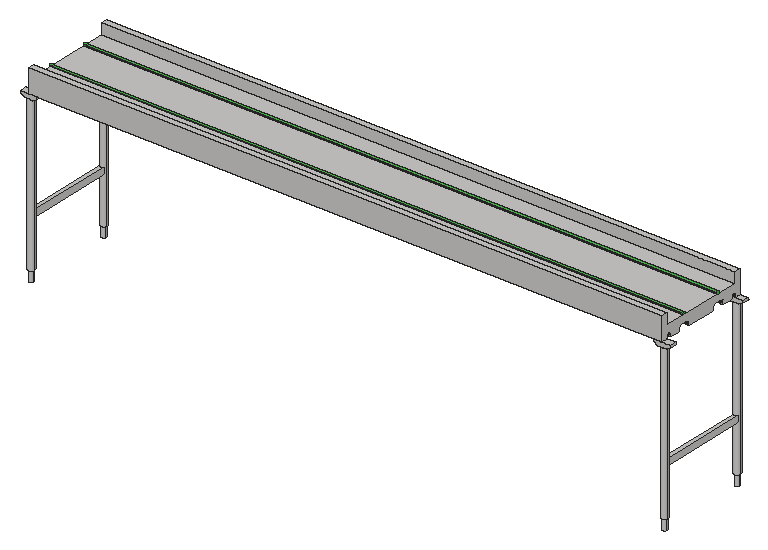
Revit family "QF_ELECTROLUXPROFESSIONAL_865124_HSCCT30", category Attrezzature speciali, Revit 2020
Family settings
  Quota connettore circolare = Usa diametro
  Tipo di parte = Normale
  Basato su piano di lavoro = No
  Sempre verticale = Sì
  Taglio con vuoti quando caricato = No
  Condiviso = No
  Punto di calcolo locali = No
Parameters (values of type "Standard")
  Weight = 41.00 kg
  Watts = 0 W
  Volts = 0 V
  URL Manufacturer = "https://www.electroluxprofessional.com/"
  URL = "https://www.electroluxprofessional.com/"
  Steam Supply Size = 0 mm
  Steam Supply Minimum Pressure = 0.0 Pa
  Steam Supply Maximum Pressure = 0.0 Pa
  Steam Consumption per Hour = 0
  Show Clearance [instance] = yes
  Refrigeration Suction Line Size = 0 mm
  Refrigeration Liquid Line Size = 0 mm
  Refrigerant Compressor Remote = yes
  Prospetto di default = 0 mm
  Produttore = "Electrolux Professional"
  Phase = 0
  Modello = "HSCCT30"
  Length Actual = 3000 mm  # constant formula
  Item Number = "865124"
  Hot Water Size = 0 mm
  Height Actual = 110 mm  # constant formula
  HP = "0 HP"
  Gas Size = 0 mm
  Gas KW = 0
  Gas Input Pressure = 0 W
  Direct Waste Size = 0 mm
  Description = "CORD CONVEYOR FOR TRAYS, 3000 MM "
  Depth Actual = 460 mm  # constant formula
  Cycle = 0 Hz
  Condensate Return Size = 0 mm
  Compressed Air Volume = 0.0 L/s
  Compressed Air Size = 0 mm
  Compressed Air Pressure = 0.0 Pa
  Cold Water Size = 0 mm
  Accessory = yes
Reference planes
  plane 1 "Center (Front/Back)": y = 0
  plane 2: z = 0
  plane 3 "FRONT": y = -460
  plane 4 "LEFT": x = -126
  plane 5 "RIGHT": x = 2874
  plane 6: z = 800.5
  plane 7: x = 1374
  plane 8: y = -230
  plane 9: z = 910.5
  plane 10: y = -130
  plane 11: y = -330
  plane 12: x = -126
  plane 13: z = 270.5
Forms (mm)
  Extrusion 1, solid, material "QF_Finishes_Stainless Steel"
    sketch origin (0, 0, 800.5) x (0, 1, 0) y (0, 0, 1)
      loop
        line (0, 110) -> (-30, 110) -> (-30, 60) -> (-430, 60) -> (-430, 110) -> (-460, 110) -> (-460, 0) -> (-442, 0)
        arc (-442, 0) -> (-437.05, 2.05) -> (-435, 7) r 7
        line (-435, 7) -> (-435, 12.5)
        arc (-435, 12.5) -> (-431.339, 21.339) -> (-422.5, 25) r 12.5
        arc (-422.5, 25) -> (-413.661, 21.339) -> (-410, 12.5) r 12.5
        line (-410, 12.5) -> (-410, 7)
        arc (-410, 7) -> (-407.95, 2.05) -> (-403, 0) r 7
        line (-403, 0) -> (-367, 0)
        arc (-367, 0) -> (-362.05, 2.05) -> (-360, 7) r 7
        line (-360, 7) -> (-360, 12.5)
        arc (-360, 12.5) -> (-356.339, 21.339) -> (-347.5, 25) r 12.5
        line (-347.5, 25) -> (-312.5, 25)
        arc (-312.5, 25) -> (-303.661, 21.339) -> (-300, 12.5) r 12.5
        line (-300, 12.5) -> (-300, 6.708)
        arc (-300, 6.708) -> (-298.612, 2.525) -> (-295, 0) r 7
        line (-295, 0) -> (-167, 0)
        arc (-167, 0) -> (-162.05, 2.05) -> (-160, 7) r 7
        line (-160, 7) -> (-160, 12.5)
        arc (-160, 12.5) -> (-156.339, 21.339) -> (-147.5, 25) r 12.5
        line (-147.5, 25) -> (-112.5, 25)
        arc (-112.5, 25) -> (-103.661, 21.339) -> (-100, 12.5) r 12.5
        line (-100, 12.5) -> (-100, 7)
        arc (-100, 7) -> (-97.95, 2.05) -> (-93, 0) r 7
        line (-93, 0) -> (-57, 0)
        arc (-57, 0) -> (-52.05, 2.05) -> (-50, 7) r 7
        line (-50, 7) -> (-50, 12.5)
        arc (-50, 12.5) -> (-46.339, 21.339) -> (-37.5, 25) r 12.5
        arc (-37.5, 25) -> (-28.661, 21.339) -> (-25, 12.5) r 12.5
        line (-25, 12.5) -> (-25, 7)
        arc (-25, 7) -> (-22.95, 2.05) -> (-18, 0) r 7
        line (-18, 0) -> (0, 0) -> (0, 110)
    from -126 to 2874
  Extrusion 2, solid, material "QF_Finishes_Green"
    sketch origin (0, 100, 800.5) x (0, 1, 0) y (0, 0, 1)
      loop
        circle (-230, 65) r 5
    from -126 to 2874
  Extrusion 3, solid, material "QF_Finishes_Green"
    sketch origin (0, -560, 800.5) x (0, -1, 0) y (0, 0, -1)
      loop
        circle (-230, -65) r 5
    from -126 to 2874
  Extrusion 4, solid, material "QF_Finishes_Stainless Steel"
    sketch origin (0, 250, 0) x (-1, 0, 0) y (0, 0, 1)
      loop
        line (166, 800.5) -> (86, 800.5) -> (86, 790.5) -> (106, 778.953) -> (146, 778.953) -> (166, 790.5) -> (166, 800.5)
    from -710 to -680
  Revolve 5, solid, material "QF_Finishes_Stainless Steel"
    sketch origin (0, -445, 0) x (-1, 0, 0) y (0, 0, 1)
      loop
        line (126, 778.953) -> (111, 778.953) -> (111, 50.5) -> (116, 50.5) -> (116, 0) -> (126, 0) -> (126, 778.953)
      axis (126, 778.953) -> (126, 0)
    angle from 0 to 360
  Extrusion 6, solid, material "QF_Finishes_Stainless Steel"
    sketch origin (0, 680, 0) x (-1, 0, 0) y (0, 0, 1)
      loop
        line (166, 800.5) -> (86, 800.5) -> (86, 790.5) -> (106, 778.953) -> (146, 778.953) -> (166, 790.5) -> (166, 800.5)
    from -710 to -680
  Revolve 7, solid, material "QF_Finishes_Stainless Steel"
    sketch origin (0, -15, 0) x (-1, 0, 0) y (0, 0, 1)
      loop
        line (126, 778.953) -> (111, 778.953) -> (111, 50.5) -> (116, 50.5) -> (116, 0) -> (126, 0) -> (126, 778.953)
      axis (126, 778.953) -> (126, 0)
    angle from 0 to 360
  Extrusion 8, solid, material "QF_Finishes_Stainless Steel"
    sketch origin (-262, 0, 128.154) x (0, 1, 0) y (0, 0, -1)
      loop
        line (-20, -172.346) -> (-20, -142.346) -> (-440, -142.346) -> (-440, -172.346) -> (-20, -172.346)
    from -146 to -126
  Extrusion 9, solid, material "QF_Finishes_Stainless Steel"
    sketch origin (3000, 680, 0) x (-1, 0, 0) y (0, 0, 1)
      loop
        line (166, 800.5) -> (86, 800.5) -> (86, 790.5) -> (106, 778.953) -> (146, 778.953) -> (166, 790.5) -> (166, 800.5)
    from -710 to -680
  Revolve 10, solid, material "QF_Finishes_Stainless Steel"
    sketch origin (3000, -15, 0) x (-1, 0, 0) y (0, 0, 1)
      loop
        line (126, 778.953) -> (111, 778.953) -> (111, 50.5) -> (116, 50.5) -> (116, 0) -> (126, 0) -> (126, 778.953)
      axis (126, 778.953) -> (126, 0)
    angle from 0 to 360
  Extrusion 11, solid, material "QF_Finishes_Stainless Steel"
    sketch origin (3000, 250, 0) x (-1, 0, 0) y (0, 0, 1)
      loop
        line (166, 800.5) -> (86, 800.5) -> (86, 790.5) -> (106, 778.953) -> (146, 778.953) -> (166, 790.5) -> (166, 800.5)
    from -710 to -680
  Revolve 12, solid, material "QF_Finishes_Stainless Steel"
    sketch origin (3000, -445, 0) x (-1, 0, 0) y (0, 0, 1)
      loop
        line (126, 778.953) -> (111, 778.953) -> (111, 50.5) -> (116, 50.5) -> (116, 0) -> (126, 0) -> (126, 778.953)
      axis (126, 778.953) -> (126, 0)
    angle from 0 to 360
  Extrusion 13, solid, material "QF_Finishes_Stainless Steel"
    sketch origin (3010, 0, 128.154) x (0, 1, 0) y (0, 0, 1)
      loop
        line (-20, 172.346) -> (-440, 172.346) -> (-440, 142.346) -> (-20, 142.346) -> (-20, 172.346)
    from -146 to -126
Dimensions and locks
  plane 4 "LEFT" to plane 5 "RIGHT" = 3000 mm
  plane 1 "Center (Front/Back)" to plane 3 "FRONT" = 460 mm  (x2)
  plane 5 "RIGHT" to plane 4 "LEFT" = 3000 mm
  plane 9 to level = 910.5 mm  (x2)
  plane 10 to plane 11 = 200 mm
  plane 9 to plane 6 = 110 mm
  plane 9 to plane 13 = 640 mm
  Extrusion 6 to Extrusion 4 = 400 mm
  plane 9 to Extrusion 1 = 50 mm
  Extrusion 1 to Extrusion 1 = 30 mm
  aligned and locked: level to plane 2
